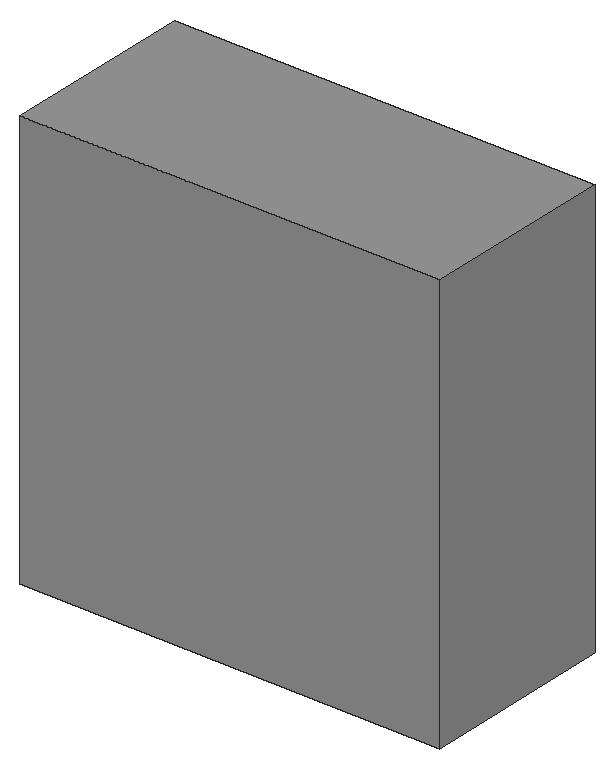
Revit family "NRG_Hausrufmelder_V1700", category Notrufgeräte, Revit 2017
Family settings
  Beschriftungsausrichtung beibehalten = Nein
  Bemaßung runder Anschluss = Durchmesser verwenden
  Teiletyp = Normal
  OmniClass-Nummer = 23.85.30.24
  OmniClass-Titel = Emergency Call Systems
  Arbeitsebenenbasiert = Nein
  Immer vertikal = Ja
  Beim Laden mit Abzugskörper schneiden = Ja
  Gemeinsam genutzt = Nein
  Raumberechnungspunkt = Nein
Parameters (values of type "Melder_Hausrufanlage")
  pbr_Material_KZ = ""
  pbr_Material = none
  pbr_E_Typ = ""
  pbr_E_KZ = ""
  pbr_DINBild = 0
  pbr_Bild = 0
  pbr_3Dx_Delta_Korrekturversatz [instance] = 0 mm
  pbr_3DX_Versatzfaktor [instance] = 0
  pbr_2DY_Versatzfaktor [instance] = 0
  pbr_2DX_Versatzfaktor [instance] = 0
  lfd_STRK [instance] = 0
  cpiFitMatchKey [instance] = "E-BM-DKM"
  Typ [instance] = ""
  Tiefe = 37 mm
  Text3 [instance] = ""
  Text2 [instance] = ""
  Text1 [instance] = ""
  Port2 [instance] = ""
  Port1 [instance] = ""
  Planungsbüro Rohling = "www.pbr.de"
  Patchfeld [instance] = ""
  Netzart = ""
  Menge(Dosenzahl) [instance] = 0
  Melder Hausrufanlage = yes
  Linie/Anschluss [instance] = ""
  Linie [instance] = ""
  Lastklassifizierung = none
  Installationsart [instance] = ""
  Info [instance] = ""
  Länge = Breite  # 80 mm
  Gewerk [instance] = "SR"
  Eckversatz [instance] = 0 mm
  YFrontversatz [instance] = if(pbr_2DY_Versatzfaktor = 300, 0 mm, pbr_2DY_Versatzfaktor * 300 mm)  # 0 mm
  XSeitenversatz [instance] = if(pbr_2DX_Versatzfaktor = 0, 3000 mm, 3000 mm + (pbr_2DX_Versatzfaktor * 300 mm)) + Eckversatz  # 3000 mm
  X3Dversatz [instance] = if([3DX_Versatzkontrolle] = 0, 2000 mm, 2000 mm + ([3DX_Versatzkontrolle] * (300 mm - Breite))) + pbr_3Dx_Delta_Korrekturversatz  # 2000 mm
  Niveau [instance] = 1100 mm
  Bus [instance] = ""
  Breite = 80 mm
  Betriebsstrom ruhe [instance] = 0
  Betriebsstrom max [instance] = 0
  3DX_Versatzkontrolle [instance] = if(pbr_3DX_Versatzfaktor = 0, (pbr_2DX_Versatzfaktor * -1), (((-1 * pbr_3DX_Versatzfaktor) + pbr_2DX_Versatzfaktor) * -1))  # 0
  3DX_Versatz [instance] = if([3DX_Versatzkontrolle] = 0, 2000 mm, 2000 mm + ([3DX_Versatzkontrolle] * (300 mm - Breite))) + pbr_3Dx_Delta_Korrekturversatz  # 2000 mm
Reference planes
  plane 1 "Mitte (Vorne/Hinten)": y = 0
  plane 2: z = 0
  plane 3 "Mitte (Links/Rechts)": x = 22.5
  plane 4: x = -127.5
  plane 5: x = 172.5
  plane 6: y = 300
  plane 7 "Schalterhinten": y = 0
  plane 8: x = -2977.5
  plane 9: x = 22.5
  plane 10: x = -1977.5
  plane 11: x = -17.5
  plane 12: x = 62.5
  plane 13: z = 1140
  plane 14: z = 1060
  plane 15 "SchalterVorne": y = 37
  plane 16 "3DMitte": x = 22.5
  plane 17 "Achse": z = 1100
  plane 18: z = 1097.5
  plane 19: z = 1102.5
  plane 20 "2DMitte": y = 150
Forms (mm)
  Extrusion 1, solid, material "Stahl, Edelstahl"
    sketch origin (0, 20, 0) x (0, 0, 1) y (-1, 0, 0)
      loop
        line (1060, 17.5) -> (1060, -62.5) -> (1140, -62.5) -> (1140, 17.5) -> (1060, 17.5)
    from -17 to 20
Dimensions and locks
  locked: plane 6 to plane 7 "Schalterhinten" at 300
  "XSeitenversatz": plane 8 to plane 9
  plane 8 to plane 3 "Mitte (Links/Rechts)" = 3000 mm
  "YFrontversatz": plane 1 "Mitte (Vorne/Hinten)" to plane 7 "Schalterhinten"
  "Breite": plane 12 to plane 11
  "Länge": plane 13 to plane 14
  plane 9 to plane 10 = 2000 mm
  equal spacing: plane 12, plane 16 "3DMitte", plane 11
  "3DX_Versatz": plane 16 "3DMitte" to plane 10
  equal spacing: plane 13, plane 17 "Achse", plane 14
  "Niveau": plane 17 "Achse" to level
  "Tiefe": plane 15 "SchalterVorne" to plane 1 "Mitte (Vorne/Hinten)"
  plane 13 to plane 18 = 42.5 mm
  plane 19 to plane 14 = 42.5 mm
  equal spacing: plane 4, plane 9, plane 5, locked at 150 each
  locked: plane 4 to plane 5 at 300
  equal spacing: plane 6, plane 20 "2DMitte", plane 7 "Schalterhinten", locked at 150 each
  locked: plane 9 to plane 10 at 2000
  aligned and locked: level to plane 2
  aligned and locked: Extrusion 1 sketch curve to plane 14
  aligned and locked: Extrusion 1 sketch curve to plane 11
  aligned and locked: Extrusion 1 sketch curve to plane 13
  aligned and locked: plane 12 to Extrusion 1 sketch curve
  aligned and locked: plane 1 "Mitte (Vorne/Hinten)" to Extrusion 1
  aligned and locked: Extrusion 1 to plane 15 "SchalterVorne"
Nested families
  nested 1: "Melder Hausrufanlage" at (22.5, 37, 0), type "Melder Hausrufanlage"
Connectors
  electrical at (22.5, 0, 1100)
    settings: on Extrusion 1, index 1, voltage 0 V, apparent load 0 VA, apparent load phase1 0 VA, apparent load phase2 0 VA, apparent load phase3 0 VA, power factor 1, load classification "Sonstige", number of poles 1, system type 12, power factor state 1, is connector primary yes, connector utility no, sub classification motor no, connector description ""
Definition of nested family "Melder Hausrufanlage"
  Reference planes
    plane 1 "Mitte (Vorne/Hinten)": y = 0
    plane 2: z = 0
    plane 3 "Mitte (Links/Rechts)": x = 0
    plane 4: y = 0
    plane 5: x = 0
    plane 6: y = 270, in view "Referenzebene"
    plane 7: y = 161.58, in view "Referenzebene"
  Lines and regions (mm)
    Filled region 1, type "Beton", in view "Referenzebene"
      outline origin (597.812, -464.32, 0) x (1, 0, 0) y (0, 1, 0)
        loop
          circle (-597.812, 599.32) r 38.723
    Filled region 2, type "Beton", in view "Referenzebene"
      outline origin (401.337, -100.59, 0) x (1, 0, 0) y (0, 1, 0)
        loop
          line (-498.837, 262.171) -> (-484.453, 262.171) -> (-484.453, 313.197) -> (-428.068, 313.197) -> (-428.068, 262.171) -> (-413.716, 262.171) -> (-413.716, 370.59) -> (-428.032, 370.59) -> (-428.032, 326.056) -> (-484.453, 326.056) -> (-484.453, 370.585) -> (-498.837, 370.585) -> (-498.837, 262.171)
        loop
          line (-361.339, 370.59) -> (-403.005, 262.171) -> (-387.77, 262.171) -> (-375.818, 295.007) -> (-330.507, 295.007) -> (-317.79, 262.171) -> (-301.537, 262.171) -> (-345.981, 370.59) -> (-361.339, 370.59)
        loop
          line (-334.968, 306.686) -> (-353.957, 359.196) -> (-371.717, 306.686) -> (-334.968, 306.686)
    detail lines, in view "Referenzebene"
      curve 1: line (-135, 270, 0) -> (-135, 0, 0)
      curve 2: line (-135, 0, 0) -> (135, 0, 0)
      curve 3: line (135, 0, 0) -> (135, 270, 0)
      curve 4: line (135, 270, 0) -> (-135, 270, 0)
      curve 5: line (-95, 230, 0) -> (-95, 40, 0)
      curve 6: line (-95, 40, 0) -> (95, 40, 0)
      curve 7: line (95, 40, 0) -> (95, 230, 0)
      curve 8: line (95, 230, 0) -> (-95, 230, 0)
